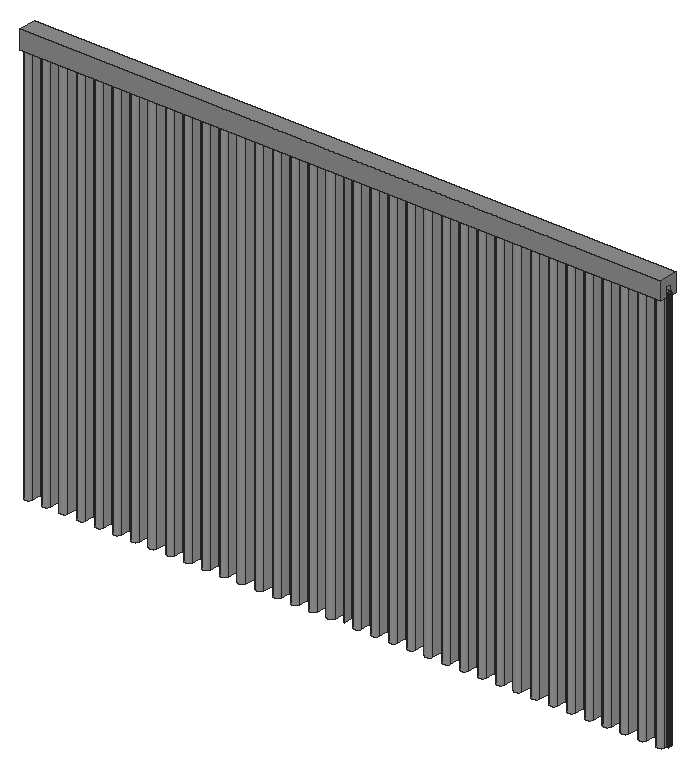
Revit family "Haworth_Pergola_Drapery_Straight", category Furniture Systems, Revit 2018 (continued)
Forms (in)
  Sweep 7, solid, material "Haworth _ Fabric _ Undecided _ Pergola" <- "Curtain Finish", visible <- "96in Wide Drapery"
    profile origin (-70.5, 0, 46.875) x (-1, 0, 0) y (0, -1, 0)
      loop
        line (-50.05196, -0.9212) -> (-49.887, 0.90216)
        arc (-49.887, 0.90216) -> (-49, 1.71254) -> (-48.113, 0.90216) r 0.89062
        line (-48.113, 0.90216) -> (-47.94804, -0.9212)
        arc (-47.94804, -0.9212) -> (-47, -1.78733) -> (-46.05196, -0.9212) r 0.95191
        line (-46.05196, -0.9212) -> (-45.887, 0.90216)
        arc (-45.887, 0.90216) -> (-45, 1.71254) -> (-44.113, 0.90216) r 0.89062
        line (-44.113, 0.90216) -> (-43.94804, -0.9212)
        arc (-43.94804, -0.9212) -> (-43, -1.78733) -> (-42.05196, -0.9212) r 0.95191
        line (-42.05196, -0.9212) -> (-41.887, 0.90216)
        arc (-41.887, 0.90216) -> (-41, 1.71254) -> (-40.113, 0.90216) r 0.89062
        line (-40.113, 0.90216) -> (-39.94804, -0.9212)
        arc (-39.94804, -0.9212) -> (-39, -1.78733) -> (-38.05196, -0.9212) r 0.95191
        line (-38.05196, -0.9212) -> (-37.887, 0.90216)
        arc (-37.887, 0.90216) -> (-37, 1.71254) -> (-36.113, 0.90216) r 0.89062
        line (-36.113, 0.90216) -> (-35.94804, -0.9212)
        arc (-35.94804, -0.9212) -> (-35, -1.78733) -> (-34.05196, -0.9212) r 0.95191
        line (-34.05196, -0.9212) -> (-33.887, 0.90216)
        arc (-33.887, 0.90216) -> (-33, 1.71254) -> (-32.113, 0.90216) r 0.89062
        line (-32.113, 0.90216) -> (-31.94804, -0.9212)
        arc (-31.94804, -0.9212) -> (-31, -1.78733) -> (-30.05196, -0.9212) r 0.95191
        line (-30.05196, -0.9212) -> (-29.887, 0.90216)
        arc (-29.887, 0.90216) -> (-29, 1.71254) -> (-28.113, 0.90216) r 0.89062
        line (-28.113, 0.90216) -> (-27.94804, -0.9212)
        arc (-27.94804, -0.9212) -> (-27, -1.78733) -> (-26.05196, -0.9212) r 0.95191
        line (-26.05196, -0.9212) -> (-25.887, 0.90216)
        arc (-25.887, 0.90216) -> (-25, 1.71254) -> (-24.113, 0.90216) r 0.89062
        line (-24.113, 0.90216) -> (-23.94804, -0.9212)
        arc (-23.94804, -0.9212) -> (-23, -1.78733) -> (-22.05196, -0.9212) r 0.95191
        line (-22.05196, -0.9212) -> (-21.887, 0.90216)
        arc (-21.887, 0.90216) -> (-21, 1.71254) -> (-20.113, 0.90216) r 0.89062
        line (-20.113, 0.90216) -> (-19.94804, -0.9212)
        arc (-19.94804, -0.9212) -> (-19, -1.78733) -> (-18.05196, -0.9212) r 0.95191
        line (-18.05196, -0.9212) -> (-17.887, 0.90216)
        arc (-17.887, 0.90216) -> (-17, 1.71254) -> (-16.113, 0.90216) r 0.89062
        line (-16.113, 0.90216) -> (-15.94804, -0.9212)
        arc (-15.94804, -0.9212) -> (-15, -1.78733) -> (-14.05196, -0.9212) r 0.95191
        line (-14.05196, -0.9212) -> (-13.887, 0.90216)
        arc (-13.887, 0.90216) -> (-13, 1.71254) -> (-12.113, 0.90216) r 0.89062
        line (-12.113, 0.90216) -> (-11.94925, -0.90779)
        arc (-11.94925, -0.90779) -> (-11, -1.77504) -> (-10.05075, -0.90779) r 0.95313
        line (-10.05075, -0.90779) -> (-9.887, 0.90216)
        arc (-9.887, 0.90216) -> (-9, 1.71254) -> (-8.113, 0.90216) r 0.89062
        line (-8.113, 0.90216) -> (-7.94925, -0.90779)
        arc (-7.94925, -0.90779) -> (-7, -1.77504) -> (-6.05075, -0.90779) r 0.95313
        line (-6.05075, -0.90779) -> (-5.887, 0.90216)
        arc (-5.887, 0.90216) -> (-5, 1.71254) -> (-4.113, 0.90216) r 0.89062
        line (-4.113, 0.90216) -> (-3.94804, -0.9212)
        arc (-3.94804, -0.9212) -> (-3, -1.78733) -> (-2.05196, -0.9212) r 0.95191
        line (-2.05196, -0.9212) -> (-1.88662, 0.90635)
        arc (-1.88662, 0.90635) -> (-0.95997, 1.71536) -> (-0.10999, 0.82614) r 0.89013
        line (-0.10999, 0.82614) -> (-0.10999, -1) -> (-0.07874, -1)
  Sweep 8, solid, material "Haworth _ Fabric _ Undecided _ Pergola" <- "Curtain Finish", visible <- "72in Wide Drapery"
    path origin (0, 0, 0.5) x (1, 0, 0) y (0, 0, 1)
      loop
        line (-70.5, 1) -> (-70.5, 91.75)
    profile origin (-70.5, 0, 46.875) x (-1, 0, 0) y (0, -1, 0)
      loop
        line (-0.07874, -1) -> (-0.07874, 0.82614)
        arc (-0.07874, 0.82614) -> (-0.95857, 1.74658) -> (-1.91775, 0.90916) r 0.92138
        line (-1.91775, 0.90916) -> (-2.08309, -0.91838)
        arc (-2.08309, -0.91838) -> (-3, -1.75608) -> (-3.91691, -0.91838) r 0.92066
        line (-3.91691, -0.91838) -> (-4.08187, 0.90498)
        arc (-4.08187, 0.90498) -> (-5, 1.74379) -> (-5.91813, 0.90498) r 0.92188
        line (-5.91813, 0.90498) -> (-6.08187, -0.90498)
        arc (-6.08187, -0.90498) -> (-7, -1.74379) -> (-7.91813, -0.90498) r 0.92188
        line (-7.91813, -0.90498) -> (-8.08187, 0.90498)
        arc (-8.08187, 0.90498) -> (-9, 1.74379) -> (-9.91813, 0.90498) r 0.92188
        line (-9.91813, 0.90498) -> (-10.08187, -0.90498)
        arc (-10.08187, -0.90498) -> (-11, -1.74379) -> (-11.91813, -0.90498) r 0.92188
        line (-11.91813, -0.90498) -> (-12.08187, 0.90498)
        arc (-12.08187, 0.90498) -> (-13, 1.74379) -> (-13.91813, 0.90498) r 0.92188
        line (-13.91813, 0.90498) -> (-14.08309, -0.91838)
        arc (-14.08309, -0.91838) -> (-15, -1.75608) -> (-15.91691, -0.91838) r 0.92066
        line (-15.91691, -0.91838) -> (-16.08187, 0.90498)
        arc (-16.08187, 0.90498) -> (-17, 1.74379) -> (-17.91813, 0.90498) r 0.92188
        line (-17.91813, 0.90498) -> (-18.08309, -0.91838)
        arc (-18.08309, -0.91838) -> (-19, -1.75608) -> (-19.91691, -0.91838) r 0.92066
        line (-19.91691, -0.91838) -> (-20.08187, 0.90498)
        arc (-20.08187, 0.90498) -> (-21, 1.74379) -> (-21.91813, 0.90498) r 0.92188
        line (-21.91813, 0.90498) -> (-22.08309, -0.91838)
        arc (-22.08309, -0.91838) -> (-23, -1.75608) -> (-23.91691, -0.91838) r 0.92066
        line (-23.91691, -0.91838) -> (-24.08187, 0.90498)
        arc (-24.08187, 0.90498) -> (-25, 1.74379) -> (-25.91813, 0.90498) r 0.92188
        line (-25.91813, 0.90498) -> (-26.08309, -0.91838)
        arc (-26.08309, -0.91838) -> (-27, -1.75608) -> (-27.91691, -0.91838) r 0.92066
        line (-27.91691, -0.91838) -> (-28.08187, 0.90498)
        arc (-28.08187, 0.90498) -> (-29, 1.74379) -> (-29.91813, 0.90498) r 0.92188
        line (-29.91813, 0.90498) -> (-30.08309, -0.91838)
        arc (-30.08309, -0.91838) -> (-31, -1.75608) -> (-31.91691, -0.91838) r 0.92066
        line (-31.91691, -0.91838) -> (-32.08187, 0.90498)
        arc (-32.08187, 0.90498) -> (-33, 1.74379) -> (-33.91813, 0.90498) r 0.92188
        line (-33.91813, 0.90498) -> (-34.08309, -0.91838)
        arc (-34.08309, -0.91838) -> (-35, -1.75608) -> (-35.91691, -0.91838) r 0.92066
        line (-35.91691, -0.91838) -> (-36.08187, 0.90498)
        arc (-36.08187, 0.90498) -> (-37, 1.74379) -> (-37.91813, 0.90498) r 0.92188
        line (-37.91813, 0.90498) -> (-38.08309, -0.91838)
        arc (-38.08309, -0.91838) -> (-39, -1.75608) -> (-39.91691, -0.91838) r 0.92066
        line (-39.91691, -0.91838) -> (-40.08187, 0.90498)
        arc (-40.08187, 0.90498) -> (-41, 1.74379) -> (-41.91813, 0.90498) r 0.92188
        line (-41.91813, 0.90498) -> (-42.08309, -0.91838)
        arc (-42.08309, -0.91838) -> (-43, -1.75608) -> (-43.91691, -0.91838) r 0.92066
        line (-43.91691, -0.91838) -> (-44.08187, 0.90498)
        arc (-44.08187, 0.90498) -> (-45, 1.74379) -> (-45.91813, 0.90498) r 0.92188
        line (-45.91813, 0.90498) -> (-46.08309, -0.91838)
        arc (-46.08309, -0.91838) -> (-47, -1.75608) -> (-47.91691, -0.91838) r 0.92066
        line (-47.91691, -0.91838) -> (-48.08187, 0.90498)
        arc (-48.08187, 0.90498) -> (-49, 1.74379) -> (-49.91813, 0.90498) r 0.92188
        line (-49.91813, 0.90498) -> (-50.08309, -0.91838)
        arc (-50.08309, -0.91838) -> (-51, -1.75608) -> (-51.91691, -0.91838) r 0.92066
        line (-51.91691, -0.91838) -> (-52.08187, 0.90498)
        arc (-52.08187, 0.90498) -> (-53, 1.74379) -> (-53.91813, 0.90498) r 0.92188
        line (-53.91813, 0.90498) -> (-54.08309, -0.91838)
        arc (-54.08309, -0.91838) -> (-55, -1.75608) -> (-55.91691, -0.91838) r 0.92066
        line (-55.91691, -0.91838) -> (-56.08187, 0.90498)
        arc (-56.08187, 0.90498) -> (-57, 1.74379) -> (-57.91813, 0.90498) r 0.92188
        line (-57.91813, 0.90498) -> (-58.08187, -0.90497)
        arc (-58.08187, -0.90497) -> (-59, -1.74378) -> (-59.91812, -0.90497) r 0.92188
        line (-59.91812, -0.90497) -> (-60.08188, 0.90497)
        arc (-60.08188, 0.90497) -> (-61, 1.74378) -> (-61.91813, 0.90497) r 0.92188
        line (-61.91813, 0.90497) -> (-62.08187, -0.90497)
        arc (-62.08187, -0.90497) -> (-63, -1.74378) -> (-63.91812, -0.90497) r 0.92188
        line (-63.91812, -0.90497) -> (-64.08188, 0.90497)
        arc (-64.08188, 0.90497) -> (-65, 1.74378) -> (-65.91813, 0.90497) r 0.92188
        line (-65.91813, 0.90497) -> (-66.08187, -0.90497)
        arc (-66.08187, -0.90497) -> (-67, -1.74378) -> (-67.91812, -0.90497) r 0.92188
        line (-67.91812, -0.90497) -> (-68.08188, 0.90497)
        arc (-68.08188, 0.90497) -> (-69, 1.74378) -> (-69.91813, 0.90497) r 0.92188
        line (-69.91813, 0.90497) -> (-70.08221, -0.90871)
        arc (-70.08221, -0.90871) -> (-71.03946, -1.74444) -> (-71.91751, -0.82586) r 0.91952
        line (-71.91751, -0.82586) -> (-71.91751, 1) -> (-71.94876, 1) -> (-71.94876, -0.82586)
        arc (-71.94876, -0.82586) -> (-71.04087, -1.77566) -> (-70.05109, -0.91153) r 0.95077
        line (-70.05109, -0.91153) -> (-69.887, 0.90215)
        arc (-69.887, 0.90215) -> (-69, 1.71253) -> (-68.113, 0.90215) r 0.89062
        line (-68.113, 0.90215) -> (-67.94925, -0.90779)
        arc (-67.94925, -0.90779) -> (-67, -1.77503) -> (-66.05075, -0.90778) r 0.95313
        line (-66.05075, -0.90778) -> (-65.887, 0.90215)
        arc (-65.887, 0.90215) -> (-65, 1.71253) -> (-64.113, 0.90215) r 0.89062
        line (-64.113, 0.90215) -> (-63.94925, -0.90779)
        arc (-63.94925, -0.90779) -> (-63, -1.77503) -> (-62.05075, -0.90778) r 0.95313
        line (-62.05075, -0.90778) -> (-61.887, 0.90215)
        arc (-61.887, 0.90215) -> (-61, 1.71253) -> (-60.113, 0.90215) r 0.89062
        line (-60.113, 0.90215) -> (-59.94925, -0.90779)
        arc (-59.94925, -0.90779) -> (-59, -1.77503) -> (-58.05075, -0.90778) r 0.95313
        line (-58.05075, -0.90778) -> (-57.887, 0.90216)
        arc (-57.887, 0.90216) -> (-57, 1.71254) -> (-56.113, 0.90216) r 0.89062
        line (-56.113, 0.90216) -> (-55.94804, -0.9212)
        arc (-55.94804, -0.9212) -> (-55, -1.78733) -> (-54.05196, -0.9212) r 0.95191
        line (-54.05196, -0.9212) -> (-53.887, 0.90216)
        arc (-53.887, 0.90216) -> (-53, 1.71254) -> (-52.113, 0.90216) r 0.89062
        line (-52.113, 0.90216) -> (-51.94804, -0.9212)
        arc (-51.94804, -0.9212) -> (-51, -1.78733) -> (-50.05196, -0.9212) r 0.95191
        line (-50.05196, -0.9212) -> (-49.887, 0.90216)
        arc (-49.887, 0.90216) -> (-49, 1.71254) -> (-48.113, 0.90216) r 0.89062
        line (-48.113, 0.90216) -> (-47.94804, -0.9212)
        arc (-47.94804, -0.9212) -> (-47, -1.78733) -> (-46.05196, -0.9212) r 0.95191
        line (-46.05196, -0.9212) -> (-45.887, 0.90216)
        arc (-45.887, 0.90216) -> (-45, 1.71254) -> (-44.113, 0.90216) r 0.89062
        line (-44.113, 0.90216) -> (-43.94804, -0.9212)
        arc (-43.94804, -0.9212) -> (-43, -1.78733) -> (-42.05196, -0.9212) r 0.95191
        line (-42.05196, -0.9212) -> (-41.887, 0.90216)
        arc (-41.887, 0.90216) -> (-41, 1.71254) -> (-40.113, 0.90216) r 0.89062
        line (-40.113, 0.90216) -> (-39.94804, -0.9212)
        arc (-39.94804, -0.9212) -> (-39, -1.78733) -> (-38.05196, -0.9212) r 0.95191
        line (-38.05196, -0.9212) -> (-37.887, 0.90216)
        arc (-37.887, 0.90216) -> (-37, 1.71254) -> (-36.113, 0.90216) r 0.89062
        line (-36.113, 0.90216) -> (-35.94804, -0.9212)
        arc (-35.94804, -0.9212) -> (-35, -1.78733) -> (-34.05196, -0.9212) r 0.95191
        line (-34.05196, -0.9212) -> (-33.887, 0.90216)
        arc (-33.887, 0.90216) -> (-33, 1.71254) -> (-32.113, 0.90216) r 0.89062
        line (-32.113, 0.90216) -> (-31.94804, -0.9212)
        arc (-31.94804, -0.9212) -> (-31, -1.78733) -> (-30.05196, -0.9212) r 0.95191
        line (-30.05196, -0.9212) -> (-29.887, 0.90216)
        arc (-29.887, 0.90216) -> (-29, 1.71254) -> (-28.113, 0.90216) r 0.89062
        line (-28.113, 0.90216) -> (-27.94804, -0.9212)
        arc (-27.94804, -0.9212) -> (-27, -1.78733) -> (-26.05196, -0.9212) r 0.95191
        line (-26.05196, -0.9212) -> (-25.887, 0.90216)
        arc (-25.887, 0.90216) -> (-25, 1.71254) -> (-24.113, 0.90216) r 0.89062
        line (-24.113, 0.90216) -> (-23.94804, -0.9212)
        arc (-23.94804, -0.9212) -> (-23, -1.78733) -> (-22.05196, -0.9212) r 0.95191
        line (-22.05196, -0.9212) -> (-21.887, 0.90216)
        arc (-21.887, 0.90216) -> (-21, 1.71254) -> (-20.113, 0.90216) r 0.89062
        line (-20.113, 0.90216) -> (-19.94804, -0.9212)
        arc (-19.94804, -0.9212) -> (-19, -1.78733) -> (-18.05196, -0.9212) r 0.95191
        line (-18.05196, -0.9212) -> (-17.887, 0.90216)
        arc (-17.887, 0.90216) -> (-17, 1.71254) -> (-16.113, 0.90216) r 0.89062
        line (-16.113, 0.90216) -> (-15.94804, -0.9212)
        arc (-15.94804, -0.9212) -> (-15, -1.78733) -> (-14.05196, -0.9212) r 0.95191
        line (-14.05196, -0.9212) -> (-13.887, 0.90216)
        arc (-13.887, 0.90216) -> (-13, 1.71254) -> (-12.113, 0.90216) r 0.89062
        line (-12.113, 0.90216) -> (-11.94925, -0.90779)
        arc (-11.94925, -0.90779) -> (-11, -1.77504) -> (-10.05075, -0.90779) r 0.95313
        line (-10.05075, -0.90779) -> (-9.887, 0.90216)
        arc (-9.887, 0.90216) -> (-9, 1.71254) -> (-8.113, 0.90216) r 0.89062
        line (-8.113, 0.90216) -> (-7.94925, -0.90779)
        arc (-7.94925, -0.90779) -> (-7, -1.77504) -> (-6.05075, -0.90779) r 0.95313
        line (-6.05075, -0.90779) -> (-5.887, 0.90216)
        arc (-5.887, 0.90216) -> (-5, 1.71254) -> (-4.113, 0.90216) r 0.89062
        line (-4.113, 0.90216) -> (-3.94804, -0.9212)
        arc (-3.94804, -0.9212) -> (-3, -1.78733) -> (-2.05196, -0.9212) r 0.95191
        line (-2.05196, -0.9212) -> (-1.88662, 0.90635)
        arc (-1.88662, 0.90635) -> (-0.95997, 1.71536) -> (-0.10999, 0.82614) r 0.89013
        line (-0.10999, 0.82614) -> (-0.10999, -1) -> (-0.07874, -1)
  Sweep 9, solid, material "Haworth _ Fabric _ Undecided _ Pergola" <- "Curtain Finish", visible <- "48in Wide Drapery"
    path origin (0, 0, 0) x (1, 0, 0) y (0, 0, 1)
      loop
        line (-70.5, 1.5) -> (-70.5, 92.25)
    profile origin (-70.5, 0, 46.875) x (-1, 0, 0) y (0, -1, 0)
      loop
        line (-0.07874, -1) -> (-0.07874, 0.82614)
        arc (-0.07874, 0.82614) -> (-0.95857, 1.74658) -> (-1.91775, 0.90916) r 0.92138
        line (-1.91775, 0.90916) -> (-2.08309, -0.91838)
        arc (-2.08309, -0.91838) -> (-3, -1.75608) -> (-3.91691, -0.91838) r 0.92066
        line (-3.91691, -0.91838) -> (-4.08187, 0.90498)
        arc (-4.08187, 0.90498) -> (-5, 1.74379) -> (-5.91813, 0.90498) r 0.92188
        line (-5.91813, 0.90498) -> (-6.08187, -0.90498)
        arc (-6.08187, -0.90498) -> (-7, -1.74379) -> (-7.91813, -0.90498) r 0.92188
        line (-7.91813, -0.90498) -> (-8.08187, 0.90498)
        arc (-8.08187, 0.90498) -> (-9, 1.74379) -> (-9.91813, 0.90498) r 0.92188
        line (-9.91813, 0.90498) -> (-10.08187, -0.90498)
        arc (-10.08187, -0.90498) -> (-11, -1.74379) -> (-11.91813, -0.90498) r 0.92188
        line (-11.91813, -0.90498) -> (-12.08187, 0.90498)
        arc (-12.08187, 0.90498) -> (-13, 1.74379) -> (-13.91813, 0.90498) r 0.92188
        line (-13.91813, 0.90498) -> (-14.08309, -0.91838)
        arc (-14.08309, -0.91838) -> (-15, -1.75608) -> (-15.91691, -0.91838) r 0.92066
        line (-15.91691, -0.91838) -> (-16.08187, 0.90498)
        arc (-16.08187, 0.90498) -> (-17, 1.74379) -> (-17.91813, 0.90498) r 0.92188
        line (-17.91813, 0.90498) -> (-18.08309, -0.91838)
        arc (-18.08309, -0.91838) -> (-19, -1.75608) -> (-19.91691, -0.91838) r 0.92066
        line (-19.91691, -0.91838) -> (-20.08187, 0.90498)
        arc (-20.08187, 0.90498) -> (-21, 1.74379) -> (-21.91813, 0.90498) r 0.92188
        line (-21.91813, 0.90498) -> (-22.08309, -0.91838)
        arc (-22.08309, -0.91838) -> (-23, -1.75608) -> (-23.91691, -0.91838) r 0.92066
        line (-23.91691, -0.91838) -> (-24.08187, 0.90498)
        arc (-24.08187, 0.90498) -> (-25, 1.74379) -> (-25.91813, 0.90498) r 0.92188
        line (-25.91813, 0.90498) -> (-26.08309, -0.91838)
        arc (-26.08309, -0.91838) -> (-27, -1.75608) -> (-27.91691, -0.91838) r 0.92066
        line (-27.91691, -0.91838) -> (-28.08187, 0.90498)
        arc (-28.08187, 0.90498) -> (-29, 1.74379) -> (-29.91813, 0.90498) r 0.92188
        line (-29.91813, 0.90498) -> (-30.08309, -0.91838)
        arc (-30.08309, -0.91838) -> (-31, -1.75608) -> (-31.91691, -0.91838) r 0.92066
        line (-31.91691, -0.91838) -> (-32.08187, 0.90498)
        arc (-32.08187, 0.90498) -> (-33, 1.74379) -> (-33.91813, 0.90498) r 0.92188
        line (-33.91813, 0.90498) -> (-34.08309, -0.91838)
        arc (-34.08309, -0.91838) -> (-35, -1.75608) -> (-35.91691, -0.91838) r 0.92066
        line (-35.91691, -0.91838) -> (-36.08187, 0.90498)
        arc (-36.08187, 0.90498) -> (-37, 1.74379) -> (-37.91813, 0.90498) r 0.92188
        line (-37.91813, 0.90498) -> (-38.08309, -0.91838)
        arc (-38.08309, -0.91838) -> (-39, -1.75608) -> (-39.91691, -0.91838) r 0.92066
        line (-39.91691, -0.91838) -> (-40.08187, 0.90498)
        arc (-40.08187, 0.90498) -> (-41, 1.74379) -> (-41.91813, 0.90498) r 0.92188
        line (-41.91813, 0.90498) -> (-42.08309, -0.91838)
        arc (-42.08309, -0.91838) -> (-43, -1.75608) -> (-43.91691, -0.91838) r 0.92066
        line (-43.91691, -0.91838) -> (-44.08187, 0.90498)
        arc (-44.08187, 0.90498) -> (-45, 1.74379) -> (-45.91813, 0.90498) r 0.92188
        line (-45.91813, 0.90498) -> (-46.08267, -0.9138)
        arc (-46.08267, -0.9138) -> (-47.03968, -1.74933) -> (-47.91751, -0.83097) r 0.91929
        line (-47.91751, -0.83097) -> (-47.91751, 1) -> (-47.94876, 1) -> (-47.94876, -0.83097)
        arc (-47.94876, -0.83097) -> (-47.04109, -1.78055) -> (-46.05155, -0.91662) r 0.95054
        line (-46.05155, -0.91662) -> (-45.887, 0.90216)
        arc (-45.887, 0.90216) -> (-45, 1.71254) -> (-44.113, 0.90216) r 0.89062
        line (-44.113, 0.90216) -> (-43.94804, -0.9212)
        arc (-43.94804, -0.9212) -> (-43, -1.78733) -> (-42.05196, -0.9212) r 0.95191
        line (-42.05196, -0.9212) -> (-41.887, 0.90216)
        arc (-41.887, 0.90216) -> (-41, 1.71254) -> (-40.113, 0.90216) r 0.89062
        line (-40.113, 0.90216) -> (-39.94804, -0.9212)
        arc (-39.94804, -0.9212) -> (-39, -1.78733) -> (-38.05196, -0.9212) r 0.95191
        line (-38.05196, -0.9212) -> (-37.887, 0.90216)
        arc (-37.887, 0.90216) -> (-37, 1.71254) -> (-36.113, 0.90216) r 0.89062
        line (-36.113, 0.90216) -> (-35.94804, -0.9212)
        arc (-35.94804, -0.9212) -> (-35, -1.78733) -> (-34.05196, -0.9212) r 0.95191
        line (-34.05196, -0.9212) -> (-33.887, 0.90216)
        arc (-33.887, 0.90216) -> (-33, 1.71254) -> (-32.113, 0.90216) r 0.89062
        line (-32.113, 0.90216) -> (-31.94804, -0.9212)
        arc (-31.94804, -0.9212) -> (-31, -1.78733) -> (-30.05196, -0.9212) r 0.95191
        line (-30.05196, -0.9212) -> (-29.887, 0.90216)
        arc (-29.887, 0.90216) -> (-29, 1.71254) -> (-28.113, 0.90216) r 0.89062
        line (-28.113, 0.90216) -> (-27.94804, -0.9212)
        arc (-27.94804, -0.9212) -> (-27, -1.78733) -> (-26.05196, -0.9212) r 0.95191
        line (-26.05196, -0.9212) -> (-25.887, 0.90216)
        arc (-25.887, 0.90216) -> (-25, 1.71254) -> (-24.113, 0.90216) r 0.89062
        line (-24.113, 0.90216) -> (-23.94804, -0.9212)
        arc (-23.94804, -0.9212) -> (-23, -1.78733) -> (-22.05196, -0.9212) r 0.95191
        line (-22.05196, -0.9212) -> (-21.887, 0.90216)
        arc (-21.887, 0.90216) -> (-21, 1.71254) -> (-20.113, 0.90216) r 0.89062
        line (-20.113, 0.90216) -> (-19.94804, -0.9212)
        arc (-19.94804, -0.9212) -> (-19, -1.78733) -> (-18.05196, -0.9212) r 0.95191
        line (-18.05196, -0.9212) -> (-17.887, 0.90216)
        arc (-17.887, 0.90216) -> (-17, 1.71254) -> (-16.113, 0.90216) r 0.89062
        line (-16.113, 0.90216) -> (-15.94804, -0.9212)
        arc (-15.94804, -0.9212) -> (-15, -1.78733) -> (-14.05196, -0.9212) r 0.95191
        line (-14.05196, -0.9212) -> (-13.887, 0.90216)
        arc (-13.887, 0.90216) -> (-13, 1.71254) -> (-12.113, 0.90216) r 0.89062
        line (-12.113, 0.90216) -> (-11.94925, -0.90779)
        arc (-11.94925, -0.90779) -> (-11, -1.77504) -> (-10.05075, -0.90779) r 0.95313
        line (-10.05075, -0.90779) -> (-9.887, 0.90216)
        arc (-9.887, 0.90216) -> (-9, 1.71254) -> (-8.113, 0.90216) r 0.89062
        line (-8.113, 0.90216) -> (-7.94925, -0.90779)
        arc (-7.94925, -0.90779) -> (-7, -1.77504) -> (-6.05075, -0.90779) r 0.95313
        line (-6.05075, -0.90779) -> (-5.887, 0.90216)
        arc (-5.887, 0.90216) -> (-5, 1.71254) -> (-4.113, 0.90216) r 0.89062
        line (-4.113, 0.90216) -> (-3.94804, -0.9212)
        arc (-3.94804, -0.9212) -> (-3, -1.78733) -> (-2.05196, -0.9212) r 0.95191
        line (-2.05196, -0.9212) -> (-1.88662, 0.90635)
        arc (-1.88662, 0.90635) -> (-0.95997, 1.71536) -> (-0.10999, 0.82614) r 0.89013
        line (-0.10999, 0.82614) -> (-0.10999, -1) -> (-0.07874, -1)
  Sweep 10, solid, material "Haworth _ Fabric _ Undecided _ Pergola" <- "Curtain Finish", not visible
    path origin (0, 0, 0.5) x (1, 0, 0) y (0, 0, 1)
      loop
        line (-70.5, 0) -> (-70.5, 92.25)
    profile origin (-70.5, 0, 46.625) x (-1, 0, 0) y (0, -1, 0)
      loop
        line (-0.07874, -1) -> (-0.07874, 0.82614)
        arc (-0.07874, 0.82614) -> (-0.95857, 1.74658) -> (-1.91775, 0.90916) r 0.92138
        line (-1.91775, 0.90916) -> (-2.08309, -0.91838)
        arc (-2.08309, -0.91838) -> (-3, -1.75608) -> (-3.91691, -0.91838) r 0.92066
        line (-3.91691, -0.91838) -> (-4.08187, 0.90498)
        arc (-4.08187, 0.90498) -> (-5, 1.74379) -> (-5.91813, 0.90498) r 0.92188
        line (-5.91813, 0.90498) -> (-6.08187, -0.90498)
        arc (-6.08187, -0.90498) -> (-7, -1.74379) -> (-7.91813, -0.90498) r 0.92188
        line (-7.91813, -0.90498) -> (-8.08187, 0.90498)
        arc (-8.08187, 0.90498) -> (-9, 1.74379) -> (-9.91813, 0.90498) r 0.92188
        line (-9.91813, 0.90498) -> (-10.08187, -0.90498)
        arc (-10.08187, -0.90498) -> (-11, -1.74379) -> (-11.91813, -0.90498) r 0.92188
        line (-11.91813, -0.90498) -> (-12.08187, 0.90498)
        arc (-12.08187, 0.90498) -> (-13, 1.74379) -> (-13.91813, 0.90498) r 0.92188
        line (-13.91813, 0.90498) -> (-14.08309, -0.91838)
        arc (-14.08309, -0.91838) -> (-15, -1.75608) -> (-15.91691, -0.91838) r 0.92066
        line (-15.91691, -0.91838) -> (-16.08187, 0.90498)
        arc (-16.08187, 0.90498) -> (-17, 1.74379) -> (-17.91813, 0.90498) r 0.92188
        line (-17.91813, 0.90498) -> (-18.08309, -0.91838)
        arc (-18.08309, -0.91838) -> (-19, -1.75608) -> (-19.91691, -0.91838) r 0.92066
        line (-19.91691, -0.91838) -> (-20.08187, 0.90498)
        arc (-20.08187, 0.90498) -> (-21, 1.74379) -> (-21.91813, 0.90498) r 0.92188
        line (-21.91813, 0.90498) -> (-22.08309, -0.91838)
        arc (-22.08309, -0.91838) -> (-23, -1.75608) -> (-23.91691, -0.91838) r 0.92066
        line (-23.91691, -0.91838) -> (-24.08187, 0.90498)
        arc (-24.08187, 0.90498) -> (-25, 1.74379) -> (-25.91813, 0.90498) r 0.92188
        line (-25.91813, 0.90498) -> (-26.08309, -0.91838)
        arc (-26.08309, -0.91838) -> (-27, -1.75608) -> (-27.91691, -0.91838) r 0.92066
        line (-27.91691, -0.91838) -> (-28.08187, 0.90498)
        arc (-28.08187, 0.90498) -> (-29, 1.74379) -> (-29.91813, 0.90498) r 0.92188
        line (-29.91813, 0.90498) -> (-30.08309, -0.91838)
        arc (-30.08309, -0.91838) -> (-31, -1.75608) -> (-31.91691, -0.91838) r 0.92066
        line (-31.91691, -0.91838) -> (-32.08187, 0.90498)
        arc (-32.08187, 0.90498) -> (-33, 1.74379) -> (-33.91813, 0.90498) r 0.92188
        line (-33.91813, 0.90498) -> (-34.08309, -0.91838)
        arc (-34.08309, -0.91838) -> (-35, -1.75608) -> (-35.91691, -0.91838) r 0.92066
        line (-35.91691, -0.91838) -> (-36.08187, 0.90498)
        arc (-36.08187, 0.90498) -> (-37, 1.74379) -> (-37.91813, 0.90498) r 0.92188
        line (-37.91813, 0.90498) -> (-38.08309, -0.91838)
        arc (-38.08309, -0.91838) -> (-39, -1.75608) -> (-39.91691, -0.91838) r 0.92066
        line (-39.91691, -0.91838) -> (-40.08187, 0.90498)
        arc (-40.08187, 0.90498) -> (-41, 1.74379) -> (-41.91813, 0.90498) r 0.92188
        line (-41.91813, 0.90498) -> (-42.08309, -0.91838)
        arc (-42.08309, -0.91838) -> (-43, -1.75608) -> (-43.91691, -0.91838) r 0.92066
        line (-43.91691, -0.91838) -> (-44.08187, 0.90498)
        arc (-44.08187, 0.90498) -> (-45, 1.74379) -> (-45.91813, 0.90498) r 0.92188
        line (-45.91813, 0.90498) -> (-46.08309, -0.91838)
        arc (-46.08309, -0.91838) -> (-47, -1.75608) -> (-47.91691, -0.91838) r 0.92066
        line (-47.91691, -0.91838) -> (-48.08187, 0.90498)
        arc (-48.08187, 0.90498) -> (-49, 1.74379) -> (-49.91813, 0.90498) r 0.92188
        line (-49.91813, 0.90498) -> (-50.08309, -0.91838)
        arc (-50.08309, -0.91838) -> (-51, -1.75608) -> (-51.91691, -0.91838) r 0.92066
        line (-51.91691, -0.91838) -> (-52.08187, 0.90498)
        arc (-52.08187, 0.90498) -> (-53, 1.74379) -> (-53.91813, 0.90498) r 0.92188
        line (-53.91813, 0.90498) -> (-54.08309, -0.91838)
        arc (-54.08309, -0.91838) -> (-55, -1.75608) -> (-55.91691, -0.91838) r 0.92066
        line (-55.91691, -0.91838) -> (-56.08187, 0.90498)
        arc (-56.08187, 0.90498) -> (-57, 1.74379) -> (-57.91813, 0.90498) r 0.92188
        line (-57.91813, 0.90498) -> (-58.083, -0.91746)
        arc (-58.083, -0.91746) -> (-59.03984, -1.75284) -> (-59.91751, -0.83465) r 0.91912
        line (-59.91751, -0.83465) -> (-59.91751, 1) -> (-59.94876, 1) -> (-59.94876, -0.83465)
        arc (-59.94876, -0.83465) -> (-59.04125, -1.78405) -> (-58.05188, -0.92028) r 0.95037
        line (-58.05188, -0.92028) -> (-57.887, 0.90216)
        arc (-57.887, 0.90216) -> (-57, 1.71254) -> (-56.113, 0.90216) r 0.89062
        line (-56.113, 0.90216) -> (-55.94804, -0.9212)
        arc (-55.94804, -0.9212) -> (-55, -1.78733) -> (-54.05196, -0.9212) r 0.95191
        line (-54.05196, -0.9212) -> (-53.887, 0.90216)
        arc (-53.887, 0.90216) -> (-53, 1.71254) -> (-52.113, 0.90216) r 0.89062
        line (-52.113, 0.90216) -> (-51.94804, -0.9212)
        arc (-51.94804, -0.9212) -> (-51, -1.78733) -> (-50.05196, -0.9212) r 0.95191
        line (-50.05196, -0.9212) -> (-49.887, 0.90216)
        arc (-49.887, 0.90216) -> (-49, 1.71254) -> (-48.113, 0.90216) r 0.89062
        line (-48.113, 0.90216) -> (-47.94804, -0.9212)
        arc (-47.94804, -0.9212) -> (-47, -1.78733) -> (-46.05196, -0.9212) r 0.95191
        line (-46.05196, -0.9212) -> (-45.887, 0.90216)
        arc (-45.887, 0.90216) -> (-45, 1.71254) -> (-44.113, 0.90216) r 0.89062
        line (-44.113, 0.90216) -> (-43.94804, -0.9212)
        arc (-43.94804, -0.9212) -> (-43, -1.78733) -> (-42.05196, -0.9212) r 0.95191
        line (-42.05196, -0.9212) -> (-41.887, 0.90216)
        arc (-41.887, 0.90216) -> (-41, 1.71254) -> (-40.113, 0.90216) r 0.89062
        line (-40.113, 0.90216) -> (-39.94804, -0.9212)
        arc (-39.94804, -0.9212) -> (-39, -1.78733) -> (-38.05196, -0.9212) r 0.95191
        line (-38.05196, -0.9212) -> (-37.887, 0.90216)
        arc (-37.887, 0.90216) -> (-37, 1.71254) -> (-36.113, 0.90216) r 0.89062
        line (-36.113, 0.90216) -> (-35.94804, -0.9212)
        arc (-35.94804, -0.9212) -> (-35, -1.78733) -> (-34.05196, -0.9212) r 0.95191
        line (-34.05196, -0.9212) -> (-33.887, 0.90216)
        arc (-33.887, 0.90216) -> (-33, 1.71254) -> (-32.113, 0.90216) r 0.89062
        line (-32.113, 0.90216) -> (-31.94804, -0.9212)
        arc (-31.94804, -0.9212) -> (-31, -1.78733) -> (-30.05196, -0.9212) r 0.95191
        line (-30.05196, -0.9212) -> (-29.887, 0.90216)
        arc (-29.887, 0.90216) -> (-29, 1.71254) -> (-28.113, 0.90216) r 0.89062
        line (-28.113, 0.90216) -> (-27.94804, -0.9212)
        arc (-27.94804, -0.9212) -> (-27, -1.78733) -> (-26.05196, -0.9212) r 0.95191
        line (-26.05196, -0.9212) -> (-25.887, 0.90216)
        arc (-25.887, 0.90216) -> (-25, 1.71254) -> (-24.113, 0.90216) r 0.89062
        line (-24.113, 0.90216) -> (-23.94804, -0.9212)
        arc (-23.94804, -0.9212) -> (-23, -1.78733) -> (-22.05196, -0.9212) r 0.95191
        line (-22.05196, -0.9212) -> (-21.887, 0.90216)
        arc (-21.887, 0.90216) -> (-21, 1.71254) -> (-20.113, 0.90216) r 0.89062
        line (-20.113, 0.90216) -> (-19.94804, -0.9212)
        arc (-19.94804, -0.9212) -> (-19, -1.78733) -> (-18.05196, -0.9212) r 0.95191
        line (-18.05196, -0.9212) -> (-17.887, 0.90216)
        arc (-17.887, 0.90216) -> (-17, 1.71254) -> (-16.113, 0.90216) r 0.89062
        line (-16.113, 0.90216) -> (-15.94804, -0.9212)
        arc (-15.94804, -0.9212) -> (-15, -1.78733) -> (-14.05196, -0.9212) r 0.95191
        line (-14.05196, -0.9212) -> (-13.887, 0.90216)
        arc (-13.887, 0.90216) -> (-13, 1.71254) -> (-12.113, 0.90216) r 0.89062
        line (-12.113, 0.90216) -> (-11.94925, -0.90779)
        arc (-11.94925, -0.90779) -> (-11, -1.77504) -> (-10.05075, -0.90779) r 0.95313
        line (-10.05075, -0.90779) -> (-9.887, 0.90216)
        arc (-9.887, 0.90216) -> (-9, 1.71254) -> (-8.113, 0.90216) r 0.89062
        line (-8.113, 0.90216) -> (-7.94925, -0.90779)
        arc (-7.94925, -0.90779) -> (-7, -1.77504) -> (-6.05075, -0.90779) r 0.95313
        line (-6.05075, -0.90779) -> (-5.887, 0.90216)
        arc (-5.887, 0.90216) -> (-5, 1.71254) -> (-4.113, 0.90216) r 0.89062
        line (-4.113, 0.90216) -> (-3.94804, -0.9212)
        arc (-3.94804, -0.9212) -> (-3, -1.78733) -> (-2.05196, -0.9212) r 0.95191
        line (-2.05196, -0.9212) -> (-1.88662, 0.90635)
        arc (-1.88662, 0.90635) -> (-0.95997, 1.71536) -> (-0.10999, 0.82614) r 0.89013
        line (-0.10999, 0.82614) -> (-0.10999, -1) -> (-0.07874, -1)
  Sweep 11, solid, material "Haworth _ Fabric _ Undecided _ Pergola" <- "Curtain Finish", visible <- "36in Wide Drapery - Left"
    path origin (0, 0, 0.5) x (1, 0, 0) y (0, 0, 1)
      loop
        line (-70.5, 0) -> (-70.5, 92.25)
    profile origin (-70.5, 0, 46.625) x (-1, 0, 0) y (0, -1, 0)
      loop
        line (-0.07874, -1) -> (-0.07874, 0.82614)
        arc (-0.07874, 0.82614) -> (-0.95857, 1.74658) -> (-1.91775, 0.90916) r 0.92138
        line (-1.91775, 0.90916) -> (-2.08309, -0.91838)
        arc (-2.08309, -0.91838) -> (-3, -1.75608) -> (-3.91691, -0.91838) r 0.92066
        line (-3.91691, -0.91838) -> (-4.08187, 0.90498)
        arc (-4.08187, 0.90498) -> (-5, 1.74379) -> (-5.91813, 0.90498) r 0.92188
        line (-5.91813, 0.90498) -> (-6.08187, -0.90498)
        arc (-6.08187, -0.90498) -> (-7, -1.74379) -> (-7.91813, -0.90498) r 0.92188
        line (-7.91813, -0.90498) -> (-8.08187, 0.90498)
        arc (-8.08187, 0.90498) -> (-9, 1.74379) -> (-9.91813, 0.90498) r 0.92188
        line (-9.91813, 0.90498) -> (-10.08187, -0.90498)
        arc (-10.08187, -0.90498) -> (-11, -1.74379) -> (-11.91813, -0.90498) r 0.92188
        line (-11.91813, -0.90498) -> (-12.08187, 0.90498)
        arc (-12.08187, 0.90498) -> (-13, 1.74379) -> (-13.91813, 0.90498) r 0.92188
        line (-13.91813, 0.90498) -> (-14.08309, -0.91838)
        arc (-14.08309, -0.91838) -> (-15, -1.75608) -> (-15.91691, -0.91838) r 0.92066
        line (-15.91691, -0.91838) -> (-16.08187, 0.90498)
        arc (-16.08187, 0.90498) -> (-17, 1.74379) -> (-17.91813, 0.90498) r 0.92188
        line (-17.91813, 0.90498) -> (-18.08309, -0.91838)
        arc (-18.08309, -0.91838) -> (-19, -1.75608) -> (-19.91691, -0.91838) r 0.92066
        line (-19.91691, -0.91838) -> (-20.08187, 0.90498)
        arc (-20.08187, 0.90498) -> (-21, 1.74379) -> (-21.91813, 0.90498) r 0.92188
        line (-21.91813, 0.90498) -> (-22.08309, -0.91838)
        arc (-22.08309, -0.91838) -> (-23, -1.75608) -> (-23.91691, -0.91838) r 0.92066
        line (-23.91691, -0.91838) -> (-24.08187, 0.90498)
        arc (-24.08187, 0.90498) -> (-25, 1.74379) -> (-25.91813, 0.90498) r 0.92188
        line (-25.91813, 0.90498) -> (-26.08309, -0.91838)
        arc (-26.08309, -0.91838) -> (-27, -1.75608) -> (-27.91691, -0.91838) r 0.92066
        line (-27.91691, -0.91838) -> (-28.08187, 0.90498)
        arc (-28.08187, 0.90498) -> (-29, 1.74379) -> (-29.91813, 0.90498) r 0.92188
        line (-29.91813, 0.90498) -> (-30.08309, -0.91838)
        arc (-30.08309, -0.91838) -> (-31, -1.75608) -> (-31.91691, -0.91838) r 0.92066
        line (-31.91691, -0.91838) -> (-32.08187, 0.90498)
        arc (-32.08187, 0.90498) -> (-33, 1.74379) -> (-33.91813, 0.90498) r 0.92188
        line (-33.91813, 0.90498) -> (-34.08309, -0.91838)
        arc (-34.08309, -0.91838) -> (-35, -1.75608) -> (-35.91691, -0.91838) r 0.92066
        line (-35.91691, -0.91838) -> (-35.98304, -0.18749) -> (-35.98304, 1) -> (-36.01429, 1) -> (-36.01429, -0.18891) -> (-35.94804, -0.9212)
        arc (-35.94804, -0.9212) -> (-35, -1.78733) -> (-34.05196, -0.9212) r 0.95191
        line (-34.05196, -0.9212) -> (-33.887, 0.90216)
        arc (-33.887, 0.90216) -> (-33, 1.71254) -> (-32.113, 0.90216) r 0.89062
        line (-32.113, 0.90216) -> (-31.94804, -0.9212)
        arc (-31.94804, -0.9212) -> (-31, -1.78733) -> (-30.05196, -0.9212) r 0.95191
        line (-30.05196, -0.9212) -> (-29.887, 0.90216)
        arc (-29.887, 0.90216) -> (-29, 1.71254) -> (-28.113, 0.90216) r 0.89062
        line (-28.113, 0.90216) -> (-27.94804, -0.9212)
        arc (-27.94804, -0.9212) -> (-27, -1.78733) -> (-26.05196, -0.9212) r 0.95191
        line (-26.05196, -0.9212) -> (-25.887, 0.90216)
        arc (-25.887, 0.90216) -> (-25, 1.71254) -> (-24.113, 0.90216) r 0.89062
        line (-24.113, 0.90216) -> (-23.94804, -0.9212)
        arc (-23.94804, -0.9212) -> (-23, -1.78733) -> (-22.05196, -0.9212) r 0.95191
        line (-22.05196, -0.9212) -> (-21.887, 0.90216)
        arc (-21.887, 0.90216) -> (-21, 1.71254) -> (-20.113, 0.90216) r 0.89062
        line (-20.113, 0.90216) -> (-19.94804, -0.9212)
        arc (-19.94804, -0.9212) -> (-19, -1.78733) -> (-18.05196, -0.9212) r 0.95191
        line (-18.05196, -0.9212) -> (-17.887, 0.90216)
        arc (-17.887, 0.90216) -> (-17, 1.71254) -> (-16.113, 0.90216) r 0.89062
        line (-16.113, 0.90216) -> (-15.94804, -0.9212)
        arc (-15.94804, -0.9212) -> (-15, -1.78733) -> (-14.05196, -0.9212) r 0.95191
        line (-14.05196, -0.9212) -> (-13.887, 0.90216)
        arc (-13.887, 0.90216) -> (-13, 1.71254) -> (-12.113, 0.90216) r 0.89062
        line (-12.113, 0.90216) -> (-11.94925, -0.90779)
        arc (-11.94925, -0.90779) -> (-11, -1.77504) -> (-10.05075, -0.90779) r 0.95313
        line (-10.05075, -0.90779) -> (-9.887, 0.90216)
        arc (-9.887, 0.90216) -> (-9, 1.71254) -> (-8.113, 0.90216) r 0.89062
        line (-8.113, 0.90216) -> (-7.94925, -0.90779)
        arc (-7.94925, -0.90779) -> (-7, -1.77504) -> (-6.05075, -0.90779) r 0.95313
        line (-6.05075, -0.90779) -> (-5.887, 0.90216)
        arc (-5.887, 0.90216) -> (-5, 1.71254) -> (-4.113, 0.90216) r 0.89062
        line (-4.113, 0.90216) -> (-3.94804, -0.9212)
        arc (-3.94804, -0.9212) -> (-3, -1.78733) -> (-2.05196, -0.9212) r 0.95191
        line (-2.05196, -0.9212) -> (-1.88662, 0.90635)
        arc (-1.88662, 0.90635) -> (-0.95997, 1.71536) -> (-0.10999, 0.82614) r 0.89013
        line (-0.10999, 0.82614) -> (-0.10999, -1) -> (-0.07874, -1)
  Sweep 12, solid, material "Haworth _ Fabric _ Undecided _ Pergola" <- "Curtain Finish", visible <- "24in Wide Drapery - Left"
    path origin (0, 0, 0.5) x (1, 0, 0) y (0, 0, 1)
      loop
        line (-70.5, 0) -> (-70.5, 92.25)
    profile origin (-70.5, 0, 46.625) x (-1, 0, 0) y (0, -1, 0)
      loop
        line (-0.07874, -1) -> (-0.07874, 0.82614)
        arc (-0.07874, 0.82614) -> (-0.95857, 1.74658) -> (-1.91775, 0.90916) r 0.92138
        line (-1.91775, 0.90916) -> (-2.08309, -0.91838)
        arc (-2.08309, -0.91838) -> (-3, -1.75608) -> (-3.91691, -0.91838) r 0.92066
        line (-3.91691, -0.91838) -> (-4.08187, 0.90498)
        arc (-4.08187, 0.90498) -> (-5, 1.74379) -> (-5.91813, 0.90498) r 0.92188
        line (-5.91813, 0.90498) -> (-6.08187, -0.90498)
        arc (-6.08187, -0.90498) -> (-7, -1.74379) -> (-7.91813, -0.90498) r 0.92188
        line (-7.91813, -0.90498) -> (-8.08187, 0.90498)
        arc (-8.08187, 0.90498) -> (-9, 1.74379) -> (-9.91813, 0.90498) r 0.92188
        line (-9.91813, 0.90498) -> (-10.08187, -0.90498)
        arc (-10.08187, -0.90498) -> (-11, -1.74379) -> (-11.91813, -0.90498) r 0.92188
        line (-11.91813, -0.90498) -> (-12.08187, 0.90498)
        arc (-12.08187, 0.90498) -> (-13, 1.74379) -> (-13.91813, 0.90498) r 0.92188
        line (-13.91813, 0.90498) -> (-14.08309, -0.91838)
        arc (-14.08309, -0.91838) -> (-15, -1.75608) -> (-15.91691, -0.91838) r 0.92066
        line (-15.91691, -0.91838) -> (-16.08187, 0.90498)
        arc (-16.08187, 0.90498) -> (-17, 1.74379) -> (-17.91813, 0.90498) r 0.92188
        line (-17.91813, 0.90498) -> (-18.08309, -0.91838)
        arc (-18.08309, -0.91838) -> (-19, -1.75608) -> (-19.91691, -0.91838) r 0.92066
        line (-19.91691, -0.91838) -> (-20.08187, 0.90498)
        arc (-20.08187, 0.90498) -> (-21, 1.74379) -> (-21.91813, 0.90498) r 0.92188
        line (-21.91813, 0.90498) -> (-22.08309, -0.91838)
        arc (-22.08309, -0.91838) -> (-23, -1.75608) -> (-23.91691, -0.91838) r 0.92066
        line (-23.91691, -0.91838) -> (-23.98304, -0.18749) -> (-23.98304, 1) -> (-24.01429, 1) -> (-24.01429, -0.18891) -> (-23.94804, -0.9212)
        arc (-23.94804, -0.9212) -> (-23, -1.78733) -> (-22.05196, -0.9212) r 0.95191
        line (-22.05196, -0.9212) -> (-21.887, 0.90216)
        arc (-21.887, 0.90216) -> (-21, 1.71254) -> (-20.113, 0.90216) r 0.89062
        line (-20.113, 0.90216) -> (-19.94804, -0.9212)
        arc (-19.94804, -0.9212) -> (-19, -1.78733) -> (-18.05196, -0.9212) r 0.95191
        line (-18.05196, -0.9212) -> (-17.887, 0.90216)
        arc (-17.887, 0.90216) -> (-17, 1.71254) -> (-16.113, 0.90216) r 0.89062
        line (-16.113, 0.90216) -> (-15.94804, -0.9212)
        arc (-15.94804, -0.9212) -> (-15, -1.78733) -> (-14.05196, -0.9212) r 0.95191
        line (-14.05196, -0.9212) -> (-13.887, 0.90216)
        arc (-13.887, 0.90216) -> (-13, 1.71254) -> (-12.113, 0.90216) r 0.89062
        line (-12.113, 0.90216) -> (-11.94925, -0.90779)
        arc (-11.94925, -0.90779) -> (-11, -1.77504) -> (-10.05075, -0.90779) r 0.95313
        line (-10.05075, -0.90779) -> (-9.887, 0.90216)
        arc (-9.887, 0.90216) -> (-9, 1.71254) -> (-8.113, 0.90216) r 0.89062
        line (-8.113, 0.90216) -> (-7.94925, -0.90779)
        arc (-7.94925, -0.90779) -> (-7, -1.77504) -> (-6.05075, -0.90779) r 0.95313
        line (-6.05075, -0.90779) -> (-5.887, 0.90216)
        arc (-5.887, 0.90216) -> (-5, 1.71254) -> (-4.113, 0.90216) r 0.89062
        line (-4.113, 0.90216) -> (-3.94804, -0.9212)
        arc (-3.94804, -0.9212) -> (-3, -1.78733) -> (-2.05196, -0.9212) r 0.95191
        line (-2.05196, -0.9212) -> (-1.88662, 0.90635)
        arc (-1.88662, 0.90635) -> (-0.95997, 1.71536) -> (-0.10999, 0.82614) r 0.89013
        line (-0.10999, 0.82614) -> (-0.10999, -1) -> (-0.07874, -1)
  Sweep 13, solid, material "Haworth _ Fabric _ Undecided _ Pergola" <- "Curtain Finish", visible <- "24in Wide Drapery - Right"
    path origin (-21, 0, 0.5) x (-1, 0, 0) y (0, 0, -1)
      loop
        line (-70.5, 0) -> (-70.5, -92.25)
    profile origin (49.5, 0, 46.625) x (-1, 0, 0) y (0, -1, 0)
      loop
        line (0.07874, -1) -> (0.10999, -1) -> (0.10999, 0.82614)
        arc (0.10999, 0.82614) -> (0.95997, 1.71536) -> (1.88662, 0.90635) r 0.89013
        line (1.88662, 0.90635) -> (2.05196, -0.9212)
        arc (2.05196, -0.9212) -> (3, -1.78733) -> (3.94804, -0.9212) r 0.95191
        line (3.94804, -0.9212) -> (4.113, 0.90216)
        arc (4.113, 0.90216) -> (5, 1.71254) -> (5.887, 0.90216) r 0.89062
        line (5.887, 0.90216) -> (6.05075, -0.90779)
        arc (6.05075, -0.90779) -> (7, -1.77504) -> (7.94925, -0.90779) r 0.95313
        line (7.94925, -0.90779) -> (8.113, 0.90216)
        arc (8.113, 0.90216) -> (9, 1.71254) -> (9.887, 0.90216) r 0.89062
        line (9.887, 0.90216) -> (10.05075, -0.90779)
        arc (10.05075, -0.90779) -> (11, -1.77504) -> (11.94925, -0.90779) r 0.95313
        line (11.94925, -0.90779) -> (12.113, 0.90216)
        arc (12.113, 0.90216) -> (13, 1.71254) -> (13.887, 0.90216) r 0.89062
        line (13.887, 0.90216) -> (14.05196, -0.9212)
        arc (14.05196, -0.9212) -> (15, -1.78733) -> (15.94804, -0.9212) r 0.95191
        line (15.94804, -0.9212) -> (16.113, 0.90216)
        arc (16.113, 0.90216) -> (17, 1.71254) -> (17.887, 0.90216) r 0.89062
        line (17.887, 0.90216) -> (18.05196, -0.9212)
        arc (18.05196, -0.9212) -> (19, -1.78733) -> (19.94804, -0.9212) r 0.95191
        line (19.94804, -0.9212) -> (20.113, 0.90216)
        arc (20.113, 0.90216) -> (21, 1.71254) -> (21.887, 0.90216) r 0.89062
        line (21.887, 0.90216) -> (22.05196, -0.9212)
        arc (22.05196, -0.9212) -> (23, -1.78733) -> (23.94804, -0.9212) r 0.95191
        line (23.94804, -0.9212) -> (24.01429, -0.18891) -> (24.01429, 1) -> (23.98304, 1) -> (23.98304, -0.18749) -> (23.91691, -0.91838)
        arc (23.91691, -0.91838) -> (23, -1.75608) -> (22.08309, -0.91838) r 0.92066
        line (22.08309, -0.91838) -> (21.91813, 0.90498)
        arc (21.91813, 0.90498) -> (21, 1.74379) -> (20.08187, 0.90498) r 0.92188
        line (20.08187, 0.90498) -> (19.91691, -0.91838)
        arc (19.91691, -0.91838) -> (19, -1.75608) -> (18.08309, -0.91838) r 0.92066
        line (18.08309, -0.91838) -> (17.91813, 0.90498)
        arc (17.91813, 0.90498) -> (17, 1.74379) -> (16.08187, 0.90498) r 0.92188
        line (16.08187, 0.90498) -> (15.91691, -0.91838)
        arc (15.91691, -0.91838) -> (15, -1.75608) -> (14.08309, -0.91838) r 0.92066
        line (14.08309, -0.91838) -> (13.91813, 0.90498)
        arc (13.91813, 0.90498) -> (13, 1.74379) -> (12.08187, 0.90498) r 0.92188
        line (12.08187, 0.90498) -> (11.91813, -0.90498)
        arc (11.91813, -0.90498) -> (11, -1.74379) -> (10.08187, -0.90498) r 0.92188
        line (10.08187, -0.90498) -> (9.91813, 0.90498)
        arc (9.91813, 0.90498) -> (9, 1.74379) -> (8.08187, 0.90498) r 0.92188
        line (8.08187, 0.90498) -> (7.91813, -0.90498)
        arc (7.91813, -0.90498) -> (7, -1.74379) -> (6.08187, -0.90498) r 0.92188
        line (6.08187, -0.90498) -> (5.91813, 0.90498)
        arc (5.91813, 0.90498) -> (5, 1.74379) -> (4.08187, 0.90498) r 0.92188
        line (4.08187, 0.90498) -> (3.91691, -0.91838)
        arc (3.91691, -0.91838) -> (3, -1.75608) -> (2.08309, -0.91838) r 0.92066
        line (2.08309, -0.91838) -> (1.91775, 0.90916)
        arc (1.91775, 0.90916) -> (0.95857, 1.74658) -> (0.07874, 0.82614) r 0.92138
        line (0.07874, 0.82614) -> (0.07874, -1)
  Sweep 14, solid, material "Haworth _ Fabric _ Undecided _ Pergola" <- "Curtain Finish", visible <- "36in Wide Drapery - Right"
    path origin (3, 0, 0.5) x (-1, 0, 0) y (0, 0, -1)
      loop
        line (-70.5, 0) -> (-70.5, -92.25)
    profile origin (73.5, 0, 46.625) x (-1, 0, 0) y (0, -1, 0)
      loop
        line (0.07874, -1) -> (0.10999, -1) -> (0.10999, 0.82614)
        arc (0.10999, 0.82614) -> (0.95997, 1.71536) -> (1.88662, 0.90635) r 0.89013
        line (1.88662, 0.90635) -> (2.05196, -0.9212)
        arc (2.05196, -0.9212) -> (3, -1.78733) -> (3.94804, -0.9212) r 0.95191
        line (3.94804, -0.9212) -> (4.113, 0.90216)
        arc (4.113, 0.90216) -> (5, 1.71254) -> (5.887, 0.90216) r 0.89062
        line (5.887, 0.90216) -> (6.05075, -0.90779)
        arc (6.05075, -0.90779) -> (7, -1.77504) -> (7.94925, -0.90779) r 0.95313
        line (7.94925, -0.90779) -> (8.113, 0.90216)
        arc (8.113, 0.90216) -> (9, 1.71254) -> (9.887, 0.90216) r 0.89062
        line (9.887, 0.90216) -> (10.05075, -0.90779)
        arc (10.05075, -0.90779) -> (11, -1.77504) -> (11.94925, -0.90779) r 0.95313
        line (11.94925, -0.90779) -> (12.113, 0.90216)
        arc (12.113, 0.90216) -> (13, 1.71254) -> (13.887, 0.90216) r 0.89062
        line (13.887, 0.90216) -> (14.05196, -0.9212)
        arc (14.05196, -0.9212) -> (15, -1.78733) -> (15.94804, -0.9212) r 0.95191
        line (15.94804, -0.9212) -> (16.113, 0.90216)
        arc (16.113, 0.90216) -> (17, 1.71254) -> (17.887, 0.90216) r 0.89062
        line (17.887, 0.90216) -> (18.05196, -0.9212)
        arc (18.05196, -0.9212) -> (19, -1.78733) -> (19.94804, -0.9212) r 0.95191
        line (19.94804, -0.9212) -> (20.113, 0.90216)
        arc (20.113, 0.90216) -> (21, 1.71254) -> (21.887, 0.90216) r 0.89062
        line (21.887, 0.90216) -> (22.05196, -0.9212)
        arc (22.05196, -0.9212) -> (23, -1.78733) -> (23.94804, -0.9212) r 0.95191
        line (23.94804, -0.9212) -> (24.113, 0.90216)
        arc (24.113, 0.90216) -> (25, 1.71254) -> (25.887, 0.90216) r 0.89062
        line (25.887, 0.90216) -> (26.05196, -0.9212)
        arc (26.05196, -0.9212) -> (27, -1.78733) -> (27.94804, -0.9212) r 0.95191
        line (27.94804, -0.9212) -> (28.113, 0.90216)
        arc (28.113, 0.90216) -> (29, 1.71254) -> (29.887, 0.90216) r 0.89062
        line (29.887, 0.90216) -> (30.05196, -0.9212)
        arc (30.05196, -0.9212) -> (31, -1.78733) -> (31.94804, -0.9212) r 0.95191
        line (31.94804, -0.9212) -> (32.113, 0.90216)
        arc (32.113, 0.90216) -> (33, 1.71254) -> (33.887, 0.90216) r 0.89062
        line (33.887, 0.90216) -> (34.05196, -0.9212)
        arc (34.05196, -0.9212) -> (35, -1.78733) -> (35.94804, -0.9212) r 0.95191
        line (35.94804, -0.9212) -> (36.01429, -0.18891) -> (36.01429, 1) -> (35.98304, 1) -> (35.98304, -0.18749) -> (35.91691, -0.91838)
        arc (35.91691, -0.91838) -> (35, -1.75608) -> (34.08309, -0.91838) r 0.92066
        line (34.08309, -0.91838) -> (33.91813, 0.90498)
        arc (33.91813, 0.90498) -> (33, 1.74379) -> (32.08187, 0.90498) r 0.92188
        line (32.08187, 0.90498) -> (31.91691, -0.91838)
        arc (31.91691, -0.91838) -> (31, -1.75608) -> (30.08309, -0.91838) r 0.92066
        line (30.08309, -0.91838) -> (29.91813, 0.90498)
        arc (29.91813, 0.90498) -> (29, 1.74379) -> (28.08187, 0.90498) r 0.92188
        line (28.08187, 0.90498) -> (27.91691, -0.91838)
        arc (27.91691, -0.91838) -> (27, -1.75608) -> (26.08309, -0.91838) r 0.92066
        line (26.08309, -0.91838) -> (25.91813, 0.90498)
        arc (25.91813, 0.90498) -> (25, 1.74379) -> (24.08187, 0.90498) r 0.92188
        line (24.08187, 0.90498) -> (23.91691, -0.91838)
        arc (23.91691, -0.91838) -> (23, -1.75608) -> (22.08309, -0.91838) r 0.92066
        line (22.08309, -0.91838) -> (21.91813, 0.90498)
        arc (21.91813, 0.90498) -> (21, 1.74379) -> (20.08187, 0.90498) r 0.92188
        line (20.08187, 0.90498) -> (19.91691, -0.91838)
        arc (19.91691, -0.91838) -> (19, -1.75608) -> (18.08309, -0.91838) r 0.92066
        line (18.08309, -0.91838) -> (17.91813, 0.90498)
        arc (17.91813, 0.90498) -> (17, 1.74379) -> (16.08187, 0.90498) r 0.92188
        line (16.08187, 0.90498) -> (15.91691, -0.91838)
        arc (15.91691, -0.91838) -> (15, -1.75608) -> (14.08309, -0.91838) r 0.92066
        line (14.08309, -0.91838) -> (13.91813, 0.90498)
        arc (13.91813, 0.90498) -> (13, 1.74379) -> (12.08187, 0.90498) r 0.92188
        line (12.08187, 0.90498) -> (11.91813, -0.90498)
        arc (11.91813, -0.90498) -> (11, -1.74379) -> (10.08187, -0.90498) r 0.92188
        line (10.08187, -0.90498) -> (9.91813, 0.90498)
        arc (9.91813, 0.90498) -> (9, 1.74379) -> (8.08187, 0.90498) r 0.92188
        line (8.08187, 0.90498) -> (7.91813, -0.90498)
        arc (7.91813, -0.90498) -> (7, -1.74379) -> (6.08187, -0.90498) r 0.92188
        line (6.08187, -0.90498) -> (5.91813, 0.90498)
        arc (5.91813, 0.90498) -> (5, 1.74379) -> (4.08187, 0.90498) r 0.92188
        line (4.08187, 0.90498) -> (3.91691, -0.91838)
        arc (3.91691, -0.91838) -> (3, -1.75608) -> (2.08309, -0.91838) r 0.92066
        line (2.08309, -0.91838) -> (1.91775, 0.90916)
        arc (1.91775, 0.90916) -> (0.95857, 1.74658) -> (0.07874, 0.82614) r 0.92138
        line (0.07874, 0.82614) -> (0.07874, -1)
Lines and regions (in)
  Masking region 1
    outline origin (0, 0, 0) x (1, 0, 0) y (0, 1, 0)
      loop
        line (-70.5, 2) -> (-70.5, -2) -> (73.5, -2) -> (73.5, 2) -> (-70.5, 2)
Dimensions and locks (in)
  equal spacing: plane 4 "Back", plane 1 "Center F/B", plane 5 "Front"
  "Actual Depth": plane 4 "Back" to plane 5 "Front"
  equal spacing: plane 8 "Left", plane 3 "Center L/R", plane 6 "Right"
  "Actual Width": plane 8 "Left" to plane 6 "Right"
  "Base Height": plane 9 "Base Top" to level
  "Actual Height": plane 7 "Top" to plane 9 "Base Top"
  "End Slat Offset": plane 8 "Left" to plane 10 "End Left Slat"
  "End Slat Offset": plane 11 "End Right Slat" to plane 6 "Right"
  plane 4 "Back" to Masking region 1 sketch curve = 0"
  plane 5 "Front" to Masking region 1 sketch curve = 0"
  "Top Drapery Offset": plane 7 "Top" to Sweep 9 sketch curve
  "Top Drapery Offset": plane 7 "Top" to Sweep 8 sketch curve
  "Top Drapery Offset": plane 7 "Top" to Sweep 7 sketch curve
  "Top Drapery Offset": plane 7 "Top" to Sweep 6 sketch curve
  "Top Drapery Offset": plane 7 "Top" to Sweep 5 sketch curve
  plane 14 to plane 13 = 23.93555"
  plane 16 to plane 15 = 35.93555"
  plane 18 to plane 19 = 23.93555"
  plane 20 to plane 21 = 35.93555"
  aligned and locked: level to plane 2 "Bottom"
  aligned and locked: plane 1 "Center F/B" to Extrusion 1 sketch curve
  aligned and locked: plane 3 "Center L/R" to Extrusion 1 sketch curve
  aligned and locked: plane 7 "Top" to Extrusion 1
  aligned and locked: plane 8 "Left" to Sweep 2 sketch curve
  aligned and locked: plane 9 "Base Top" to Sweep 2 sketch curve
  aligned and locked: plane 7 "Top" to Sweep 2 sketch curve
  aligned and locked: Sweep 3 sketch curve to plane 6 "Right"
  aligned and locked: plane 7 "Top" to Sweep 3 sketch curve
  aligned and locked: plane 9 "Base Top" to Sweep 3 sketch curve
  aligned and locked: Sweep 4 sketch curve to plane 7 "Top"
  aligned and locked: plane 6 "Right" to Sweep 4 sketch curve
  aligned and locked: plane 8 "Left" to Sweep 4 sketch curve
  aligned and locked: Masking region 1 sketch curve to plane 6 "Right"
  aligned and locked: Masking region 1 sketch curve to plane 8 "Left"
  aligned and locked: Sweep 5 sketch curve to plane 8 "Left"
  aligned and locked: plane 9 "Base Top" to Sweep 5 sketch curve
  aligned and locked: Sweep 6 sketch curve to plane 8 "Left"
  aligned and locked: plane 9 "Base Top" to Sweep 6 sketch curve
  aligned and locked: Sweep 7 sketch curve to plane 8 "Left"
  aligned and locked: plane 9 "Base Top" to Sweep 7 sketch curve
  aligned and locked: Sweep 8 sketch curve to plane 8 "Left"
  aligned and locked: plane 9 "Base Top" to Sweep 8 sketch curve
  aligned and locked: Sweep 9 sketch curve to plane 8 "Left"
  aligned and locked: plane 9 "Base Top" to Sweep 9 sketch curve
  aligned and locked: plane 1 "Center F/B" to nested 1
  aligned and locked: plane 3 "Center L/R" to nested 1
  aligned and locked: Masking region 1 to plane 5 "Front"
  aligned and locked: plane 4 "Back" to Masking region 1
  aligned and locked: plane 17 to nested 1
  aligned and locked: plane 7 "Top" to Sweep 12
  aligned and locked: plane 7 "Top" to Sweep 11
  aligned and locked: plane 7 "Top" to Sweep 10
Automatic sketch dimensions
  Sweep 2 sketch curve to profile plane = 0"
  Sweep 2 sketch curve to plane 1 "Center F/B" = 0.59941"
  Sweep 2 sketch curve to Sweep 2 sketch curve = 0.07185"
  Sweep 2 sketch curve to Sweep 2 sketch curve = 0.06201"
  profile plane to Sweep 2 sketch curve = 0.0689"  (x2)
  plane 1 "Center F/B" to Sweep 2 sketch curve = 0.18996"
  Sweep 2 sketch curve to Sweep 2 sketch curve = 0.11811"
  Sweep 2 sketch curve to Sweep 2 sketch curve = 0.29134"
  Sweep 2 sketch curve to Sweep 2 sketch curve = 0"
  Sweep 2 sketch curve to Sweep 2 sketch curve = 0.45276"
  Sweep 2 sketch curve to Sweep 2 sketch curve = 0.45866"
  Sweep 3 sketch curve to profile plane = 0"
  Sweep 3 sketch curve to plane 1 "Center F/B" = 0.59941"
  Sweep 3 sketch curve to profile plane = 0.0689"  (x2)
  Sweep 3 sketch curve to Sweep 3 sketch curve = 0.29134"
  Sweep 3 sketch curve to Sweep 3 sketch curve = 0.11811"
  plane 1 "Center F/B" to Sweep 3 sketch curve = 0.46555"
  Sweep 3 sketch curve to Sweep 3 sketch curve = 0.06201"
  Sweep 3 sketch curve to Sweep 3 sketch curve = 0.07185"
  Sweep 3 sketch curve to Sweep 3 sketch curve = 0"
  Sweep 3 sketch curve to Sweep 3 sketch curve = 0.45276"
  Sweep 3 sketch curve to Sweep 3 sketch curve = 0.45866"
  profile plane to Sweep 4 sketch curve = 0"
  Sweep 4 sketch curve to profile plane = 0.0689"
  Sweep 4 sketch curve to plane 1 "Center F/B" = 0.59941"
  plane 1 "Center F/B" to Sweep 4 sketch curve = 0.59941"
  Sweep 5 sketch curve to Sweep 5 sketch curve = 0"  (x145)
  Sweep 5 sketch curve to plane 1 "Center F/B" = 1"  (x2)
  profile plane to Sweep 5 sketch curve = 143.92126"
  Sweep 5 sketch curve to Sweep 5 sketch curve = 1/32"  (x2)
  Sweep 5 sketch curve to Sweep 5 sketch curve = 0.89013"
  plane 1 "Center F/B" to Sweep 5 sketch curve = 0.90635"  (x2)
  Sweep 5 sketch curve to Sweep 5 sketch curve = 0.88651"  (x2)
